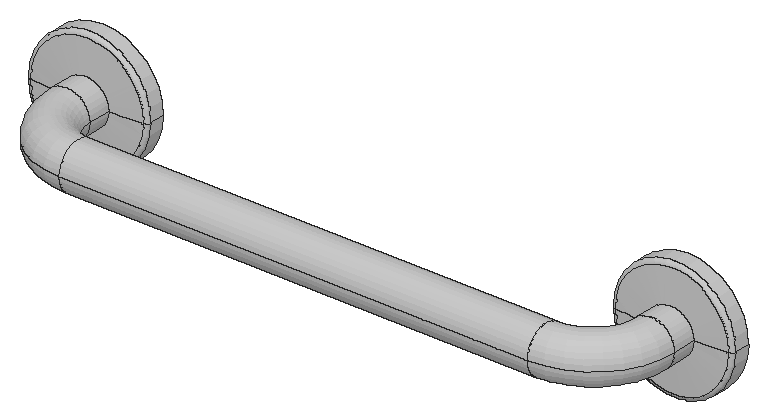
Revit family "RBA4801-Straight-Series", category Plumbing Fixtures, Revit 2021
Family settings
  Round Connector Dimension = Use Diameter
  Part Type = Normal
  Work Plane-Based = No
  Always vertical = Yes
  Cut with Voids When Loaded = No
  Shared = No
  Room Calculation Point = No
Parameters (values of type "RBA4801-040")
  Watermarked By = "www.rba.com.au"
  URL = "www.rba.com.au"
  Phone Number = ""
  OFFSET [instance] = 800 mm
  Modified Issue = "20191108.1"
  Model = "RBA4000-040"
  Materials and Finishes = Stainless Steel Satin Finish
  Manufacturer = "RBA Group"  # constant formula
  Lgth = 400 mm
  Diameter = 32 mm
  Description = "Straight Grab Rail 400mm"
  Default Elevation = 0 mm
  Copyright by = "RBA Group"  # constant formula
Types (9, lengths in mm): name | URL | Phone Number | Modified Issue | Model | Lgth | Description
  RBA4801-030 | "www.rba.com.au" | "" | "20190510.1" | "RBA4000-030" | 300 | "Straight Grab Rail 300mm"
  RBA4801-045 | "www.rba.com.au" | "" | "20191004.01" | "RBA4000-045" | 200 | "Straight Grab Rail 450mm"
  RBA4801-060 | "www.rba.com.au" | "" | "20191004.01" | "RBA4801-Straight-Series" | 600 | "RTA SSS Straight Grabrail"
  RBA4801-070 | "www.rba.com.au" | "" | "20191004.01" | "RBA4000-075" | 700 | "Straight Grab Rail 750mm"
  RBA4801-090 | "www.rba.com.au" | "" | "20191004.01" | "RBA4000-090" | 900 | "Straight Grab Rail 900mm"
  RBA4801-080 | "http://www.rba.com.au/accessible-disabled/grab-rails" | "1300 788 778" | "20191004.01" | "RBA4000-080" | 800 | "Straight Grab Rail 800mm"
  RBA4801-100 | "http://www.rba.com.au/accessible-disabled/grab-rails" | "1300 788 778" | "20191004.01" | "RBA4000-100" | 1000 | "Straight Grab Rail 1000mm"
  RBA4801-120 | "http://www.rba.com.au/accessible-disabled/grab-rails" | "1300 788 778" | "20191004.01" | "RBA4000-120" | 1200 | "Straight Grab Rail 1200mm"
  RBA4801-040 | "www.rba.com.au" | "" | "20191108.1" | "RBA4000-040" | 400 | "Straight Grab Rail 400mm"
Reference planes
  plane 1 "Center (Front/Back)": y = 0
  plane 2: z = 0
  plane 3 "Center (Left/Right)": x = 0
  plane 4: x = 0
  plane 5: x = 0
  plane 6: y = -57
  plane 7: y = -89
  plane 8: x = 400
  plane 9: z = 16
  plane 10: z = -16
Forms (mm)
  Sweep 1, solid, material "Stainless Steel Satin Finish" <- "Materials and Finishes"
    path origin (-273.954, -750, 0) x (0, -1, 0) y (1, 0, 0)
      loop
        line (-740, 673.954) -> (-719, 673.954)
        arc (-719, 673.954) -> (-690.716, 662.239) -> (-679, 633.954) r 40
        line (-679, 633.954) -> (-679, 313.954)
        arc (-679, 313.954) -> (-690.716, 285.67) -> (-719, 273.954) r 40
        line (-719, 273.954) -> (-740, 273.954)
    profile origin (200, -71, 0) x (0, -1, 0) y (0, 0, 1)
      loop
        circle (0, 0) r 16
  Extrusion 2, solid, material "Stainless Steel Satin Finish" <- "Materials and Finishes"
    sketch origin (62.5, -2.628, -315.907) x (0, 0, 1) y (1, 0, 0)
      loop
        circle (315.907, -62.5) r 40
    from -0.206 to 2.628
  Revolve 3, solid, material "Stainless Steel Satin Finish" <- "Materials and Finishes"
    sketch origin (62.5, 18.663, 0) x (-1, 0, 0) y (0, -1, 0)
      loop
        line (62.5, 18.663) -> (104, 18.663) -> (104, 28.968)
        arc (104, 28.968) -> (103.207, 31.014) -> (101.243, 31.992) r 3.037
        arc (101.243, 31.992) -> (81.892, 33.334) -> (62.5, 33.781) r 420.249
        line (62.5, 33.781) -> (62.5, 18.663)
      axis (62.5, 18.663) -> (62.5, 33.781)
    angle from 0 to 360
  Extrusion 4, void
    sketch origin (62.704, 34.941, -270.785) x (-0.515038, 0, 0.857167) y (0.857167, 0, 0.515038)
      loop
        circle (248.952, 111.432) r 4.75
      loop
        circle (279.854, 60.002) r 4.75
    from -37.775 to -34.941
  Extrusion 5, solid, material "Stainless Steel Satin Finish" <- "Materials and Finishes"
    sketch origin (237.5, -2.628, -315.907) x (0, 0, 1) y (1, 0, 0)
      loop
        circle (315.907, 162.5) r 40
    from -0.206 to 2.628
  Revolve 6, solid, material "Stainless Steel Satin Finish" <- "Materials and Finishes"
    sketch origin (237.5, 18.663, 0) x (-1, 0, 0) y (0, -1, 0)
      loop
        line (-162.5, 18.663) -> (-162.5, 33.781)
        arc (-162.5, 33.781) -> (-181.892, 33.334) -> (-201.243, 31.992) r 420.249
        arc (-201.243, 31.992) -> (-203.207, 31.014) -> (-204, 28.968) r 3.037
        line (-204, 28.968) -> (-204, 18.663) -> (-162.5, 18.663)
      axis (-162.5, 18.663) -> (-162.5, 33.781)
    angle from 0 to 360
  Extrusion 7, void
    sketch origin (362.704, 34.941, -270.785) x (-0.515038, 0, 0.857167) y (0.857167, 0, 0.515038)
      loop
        circle (228.351, 145.718) r 4.75
      loop
        circle (197.448, 197.148) r 4.75
    from -37.775 to -34.941
Cuts and joins
  Extrusion 7 cuts Sweep 1
  Extrusion 4, Extrusion 7 cuts Extrusion 2
  Extrusion 4, Extrusion 7 cuts Revolve 3
  Extrusion 7 cuts Extrusion 5
  Extrusion 7 cuts Revolve 6
  joined: Sweep 1, Extrusion 2, Revolve 3, Extrusion 5, Revolve 6
Dimensions and locks
  "Lgth": plane 3 "Center (Left/Right)" to plane 8
  radius of Sweep 1 sketch curve = 16 mm
  aligned and locked: level to plane 2
  aligned and locked: Revolve 3 to Extrusion 2
  aligned and locked: Extrusion 2 to Extrusion 4
  aligned and locked: Revolve 6 to Extrusion 5
Automatic sketch dimensions
  Sweep 1 sketch curve to plane 8 = 0 mm
  Sweep 1 sketch curve to plane 3 "Center (Left/Right)" = 0 mm
  plane 6 to Sweep 1 sketch curve = 26 mm  (x2)
  Sweep 1 sketch curve to plane 6 = 14 mm
  plane 1 "Center (Front/Back)" to Sweep 1 sketch curve = 10 mm  (x2)
  Sweep 1 sketch curve to profile plane = 0 mm  (x2)
  Extrusion 2 sketch curve to level = 0 mm
  Extrusion 2 sketch curve to plane 3 "Center (Left/Right)" = 0 mm
  plane 1 "Center (Front/Back)" to Revolve 3 sketch curve = 0 mm
  Revolve 3 sketch curve to plane 3 "Center (Left/Right)" = 0 mm  (x2)
  plane 1 "Center (Front/Back)" to Revolve 3 sketch curve = 10.305 mm
  Revolve 3 sketch curve to plane 3 "Center (Left/Right)" = 38.463 mm
  Revolve 3 sketch curve to Revolve 3 sketch curve = 3.037 mm
  Revolve 3 sketch curve to plane 1 "Center (Front/Back)" = 405.131 mm
  Revolve 3 sketch curve to Revolve 3 sketch curve = 15.118 mm
  Revolve 3 sketch curve to plane 1 "Center (Front/Back)" = 21.537 mm
  Revolve 3 sketch curve to Revolve 3 sketch curve = 0 mm
  plane 6 to Revolve 3 sketch curve = 13.537 mm
  Extrusion 5 sketch curve to level = 0 mm
  plane 8 to Extrusion 5 sketch curve = 0 mm
  plane 1 "Center (Front/Back)" to Revolve 6 sketch curve = 0 mm
  Revolve 6 sketch curve to plane 8 = 0 mm  (x2)
  plane 1 "Center (Front/Back)" to Revolve 6 sketch curve = 10.305 mm
  Revolve 6 sketch curve to plane 8 = 38.463 mm
  Revolve 6 sketch curve to Revolve 6 sketch curve = 3.037 mm
  Revolve 6 sketch curve to plane 1 "Center (Front/Back)" = 405.131 mm
  Revolve 6 sketch curve to Revolve 6 sketch curve = 15.118 mm
  Revolve 6 sketch curve to plane 1 "Center (Front/Back)" = 21.537 mm
  Revolve 6 sketch curve to Revolve 6 sketch curve = 0 mm
  plane 6 to Revolve 6 sketch curve = 13.537 mm
  Extrusion 7 sketch curve to level = 0 mm  (x2)
  Extrusion 7 sketch curve to plane 8 = 30 mm
  Extrusion 7 sketch curve to Extrusion 7 sketch curve = 30.902 mm
  Extrusion 4 sketch curve to level = 0 mm  (x2)
  plane 3 "Center (Left/Right)" to Extrusion 4 sketch curve = 30 mm
  Extrusion 4 sketch curve to Extrusion 4 sketch curve = 30.902 mm
  radius of Extrusion 2 sketch curve = 40 mm
  radius of Extrusion 5 sketch curve = 40 mm
  radius of Extrusion 7 sketch curve = 4.75 mm  (x2)
  radius of Extrusion 4 sketch curve = 4.75 mm  (x2)
